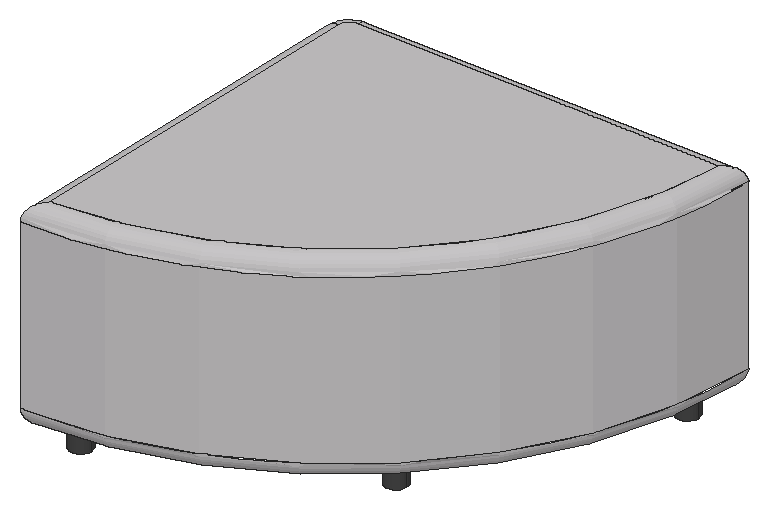
Revit family "FU_Chair_Sandler_ENTROPY_ENT0045TA", category Furniture, Revit 2020
Family settings
  OmniClass Number = 23.21.23.15.17
  Work Plane-Based = Yes
  Always vertical = No
  Cut with Voids When Loaded = No
  Shared = No
  Room Calculation Point = No
Parameters (values of type "ENTROPY ENT0045TA")
  Youtube clip = ""
  Width = 750.000 mm  # constant formula
  Uniformat II Description = "Movable Furnishings"
  Uniformat II Code = ""
  Uniclass 2015 Name = ""
  Uniclass 2015 Code = ""
  Uniclass 2.0 Description = ""
  Uniclass 2.0 Code = ""
  Uniclass 1.4 Description = ""
  Uniclass 1.4 Code = ""
  UNSPSC Code = ""
  Technical description = ""
  Seat Material = Leather - Gaja - 60005
  Frame Material = Steel - Frame - Black
  Region South America = "All"
  Region Oceania = "All"
  Region North America = "All"
  Region Middle East = "All"
  Region Europe = "All"
  Region Asia = "All"
  Region Antarctica = "All"
  Region Africa = "All"
  QR code = ""
  Product url = "https://www.sandlerseating.com/product/ent0045ta/"
  Product name = ""
  Product group = "Chair"
  Product family = "Furniture"
  Product data url = "https://www.sandlerseating.com/product/ent0045ta/"
  Product certification = ""
  Product SKU = ""
  Product Guid = ""
  OmniClass Description = ""
  OmniClass Code = "23-21 23 15 17"
  NBS Reference Description = ""
  NBS Reference Code = ""
  Model = "ENTROPY ENT0045TA"
  Masterformat 2014 Description = "Chair Mats"
  Masterformat 2014 Code = "12 48 43.13"
  Manufacturer name = "Sandler"
  Manufacturer country = "UK"
  Manufacturer = "Sandler"
  Installation instructions = ""
  IFC Classification = "Furnishing Element"
  GTIN code = ""
  Edition number = 1
  Design country = "UK"
  Description = "Chair"
  Depth = 750.000 mm  # constant formula
  Default Elevation = 0.000 mm
  Date of publishing = ""
  COBIe Type Category = ""
  Brand url = "https://www.sandlerseating.com/"
  BIMobject main category code = "furniture"
  BIMobject main category = "Furniture"
  BIMobject category code = "furniture-chair"
  BIMobject category = "Chair"
Reference planes
  plane 1 "Center Front/Back": y = 0
  plane 2: z = 0
  plane 3 "Center Left/Right": x = 0
  plane 4: y = 375
  plane 5: y = -375
  plane 6: x = -375
  plane 7: x = 375
  plane 8: z = 410
  plane 9: z = 40
  plane 10: x = -337.5
  plane 11: x = 337.5
  plane 12: y = -337.5
  plane 13: y = 337.5
Forms (mm)
  Extrusion 1, solid, material "Leather - Gaja - 60005" <- "Seat Material"
    sketch origin (0, 0, 0) x (1, 0, 0) y (0, 1, 0)
      loop
        arc (-325, 375) -> (-360.355, 360.355) -> (-375, 325) r 50
        line (-375, 325) -> (-375, -375)
        arc (-375, -375) -> (155.33, -155.33) -> (375, 375) r 750
        line (375, 375) -> (-325, 375)
    from 40 to 410
  Extrusion 2, solid, material "Steel - Frame - Black" <- "Frame Material"
    sketch origin (0, 0, 0) x (1, 0, 0) y (0, 1, 0)
      loop
        circle (109.996, -109.996) r 20
      loop
        circle (312.5, 312.5) r 20
      loop
        circle (-312.5, 312.5) r 20
      loop
        circle (-312.5, -312.5) r 20
    from 0 to 40
  Sweep 3, void
    path in 3D
      loop
        arc (-375, -375, 410) -> (155.33, -155.33, 410) -> (375, 375, 410) r 750
        line (375, 375, 410) -> (-325, 375, 410)
        arc (-325, 375, 410) -> (-360.355, 360.355, 410) -> (-375, 325, 410) r 50
        line (-375, 325, 410) -> (-375, -375, 410)
    profile origin (-375, -25, 410) x (1, 0, 0) y (0, 0, 1)
      loop
        line (0, 0) -> (0, -30)
        arc (0, -30) -> (8.787, -8.787) -> (30, 0) r 30
        line (30, 0) -> (0, 0)
      loop
        line (0, -370) -> (30, -370)
        arc (30, -370) -> (8.787, -361.213) -> (0, -340) r 30
        line (0, -340) -> (0, -370)
Cuts and joins
  Sweep 3 cuts Extrusion 1
Lines and regions (mm)
  sketch lines
    curve 1: line (-375, 325, 410) -> (-375, -375, 410)
    curve 2: arc (-375, 325, 410) -> (-360.355, 360.355, 410) -> (-325, 375, 410) r 50
    curve 3: line (375, 375, 410) -> (-325, 375, 410)
    curve 4: arc (375, 375, 410) -> (155.33, -155.33, 410) -> (-375, -375, 410) r 750
Dimensions and locks
  equal spacing: plane 4, plane 1 "Center Front/Back", plane 5
  "Depth": plane 4 to plane 5
  equal spacing: plane 6, plane 3 "Center Left/Right", plane 7
  "Width": plane 6 to plane 7
  locked: plane 11 to plane 7 at 37.5
  locked: plane 6 to plane 10 at 37.5
  locked: plane 4 to plane 13 at 37.5
  locked: plane 12 to plane 5 at 37.5
  aligned and locked: level to plane 2
Automatic sketch dimensions
  Extrusion 1 sketch curve to plane 6 = 0.000 mm
  Extrusion 1 sketch curve to plane 5 = 0.000 mm
  Extrusion 1 sketch curve to plane 4 = 0.000 mm
  plane 10 to Extrusion 1 sketch curve = 12.500 mm
  profile plane to Sweep 3 sketch curve = 0.000 mm  (x2)
  Sweep 3 sketch curve to profile plane = 0.000 mm
  Sweep 3 sketch curve to profile plane = 30.000 mm  (x2)
  Sweep 3 sketch curve to Sweep 3 sketch curve = 310.000 mm
  plane 10 to Extrusion 2 sketch curve = 25.000 mm  (x2)
  Extrusion 2 sketch curve to plane 11 = 227.504 mm
  Extrusion 2 sketch curve to plane 11 = 25.000 mm
  plane 12 to Extrusion 2 sketch curve = 25.000 mm
  plane 12 to Extrusion 2 sketch curve = 227.504 mm
  Extrusion 2 sketch curve to plane 13 = 25.000 mm  (x2)
  radius of Extrusion 2 sketch curve = 20.000 mm  (x4)
